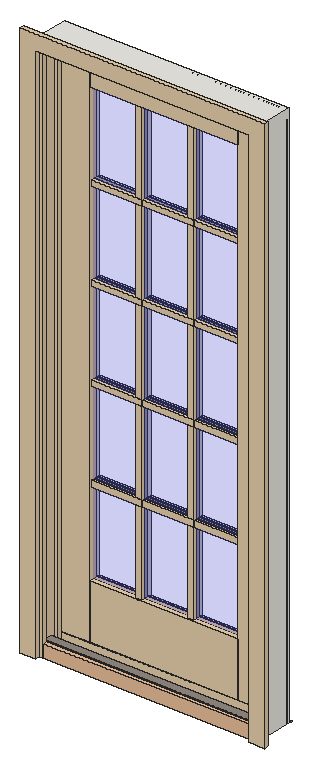
Revit family "Door-Gliding-Andersen-E_Series-Sidelight 2", category Doors, host Wall, Revit 2013 (continued)
Automatic sketch dimensions
  curve 107 to curve 108 = 0' - 0 1/8"
  curve 108 to curve 108 = 0' - 0.08478"
  curve 106 to curve 103 = 0' - 1.24271"
  curve 106 to curve 106 = 0' - 1.28489"
  curve 104 to curve 105 = 0' - 0.13398"
  curve 102 to curve 101 = 0' - 0.09649"
  curve 103 to curve 103 = 0' - 1 7/8"
  curve 108 to curve 113 = 0' - 1.60869"
  curve 105 to curve 112 = 0' - 1.21767"
  curve 111 to curve 99 = 0' - 1"
  curve 111 to curve 99 = 0' - 0"
  curve 100 to curve 103 = 0' - 0"  (x2)
  curve 98 to curve 102 = 0' - 0"
  curve 7 to curve 7 = 0' - 5 29/32"
  curve 57 to curve 62 = 0' - 0 1/2"
  curve 62 to curve 56 = 0' - 2.0615"
  curve 56 to curve 55 = 0' - 0 33/64"
  curve 55 to curve 53 = 0' - 1.84113"
  curve 53 to curve 121 = 0' - 0.70675"
  curve 64 to curve 64 = 0' - 0 9/32"
  curve 58 to curve 64 = 0' - 0 1/4"
  curve 64 to curve 59 = 0' - 0 3/16"
  curve 64 to curve 55 = 0' - 0 1/2"
  curve 57 to curve 62 = 0' - 0 3/4"
  curve 61 to curve 63 = 0' - 0.563"
  curve 54 to curve 56 = 0' - 0 5/8"
  curve 59 to curve 52 = 0' - 1 1/16"
  curve 96 to curve 96 = 0' - 5 29/32"
  curve 44 to curve 20 = 0' - 0 1/2"
  curve 19 to curve 44 = 0' - 2.0615"
  curve 18 to curve 19 = 0' - 0 33/64"
  curve 16 to curve 18 = 0' - 1.84113"
  curve 122 to curve 16 = 0' - 0.70675"
  curve 46 to curve 46 = 0' - 0 9/32"
  curve 21 to curve 46 = 0' - 0 1/4"
  curve 46 to curve 22 = 0' - 0 3/16"
  curve 46 to curve 18 = 0' - 0 1/2"
  curve 20 to curve 44 = 0' - 0 3/4"
  curve 43 to curve 45 = 0' - 0.563"
  curve 17 to curve 19 = 0' - 0 5/8"
  curve 22 to curve 15 = 0' - 1 1/16"
  curve 97 to curve 97 = 0' - 5 29/32"
  curve 49 to curve 39 = 0' - 0 1/2"
  curve 38 to curve 49 = 0' - 2.0615"
  curve 37 to curve 38 = 0' - 0 33/64"
  curve 35 to curve 37 = 0' - 1.84113"
  curve 123 to curve 35 = 0' - 0.70675"
  curve 51 to curve 51 = 0' - 0 9/32"
  curve 40 to curve 51 = 0' - 0 1/4"
  curve 51 to curve 41 = 0' - 0 3/16"
  curve 51 to curve 37 = 0' - 0 1/2"
  curve 39 to curve 49 = 0' - 0 3/4"
  curve 48 to curve 50 = 0' - 0.563"
  curve 36 to curve 38 = 0' - 0 5/8"
  curve 41 to curve 34 = 0' - 1 1/16"
  Sweep 8 sketch curve to level = 0' - 0"  (x2)
  profile plane to Sweep 12 sketch curve = 0' - 1.85627"
  Sweep 12 sketch curve to Sweep 12 sketch curve = 0' - 1.73369"
  Split face 1 sketch curve to Sweep 12 = 0' - 0"
  Split face 1 sketch curve to Sweep 12 = 0' - 1.83234"
  profile plane to Sweep 7 sketch curve = 0' - 1 3/8"
  Sweep 7 sketch curve to plane 10 "Flange" = 0' - 4 1/16"
  Sweep 7 sketch curve to Sweep 7 sketch curve = 0' - 0.563"
  profile plane to Sweep 7 sketch curve = 0' - 0 7/16"
  Sweep 7 sketch curve to Sweep 7 sketch curve = 0' - 0 1/4"
  plane 10 "Flange" to Sweep 7 sketch curve = 0' - 0.35575"
  Sweep 7 sketch curve to Sweep 7 sketch curve = 0' - 0 9/32"
  curve 124 to plane 54 "Frame S2 Ext" = 0' - 0"
  curve 114 to plane 10 "Flange" = 0' - 0"
  curve 115 to plane 3 "R Frame" = 0' - 0"
  curve 115 to plane 10 "Flange" = 0' - 0"
  curve 12 to plane 3 "R Frame" = 0' - 0"
  curve 33 to plane 3 "R Frame" = 0' - 0"
  curve 33 to plane 36 "R Xjamb 1" = 0' - 0"
  curve 12 to plane 17 "R Casing 1" = 0' - 0 1/8"
  Sweep 9 sketch curve to profile plane = 0' - 0.09649"
  Sweep 9 sketch curve to plane 10 "Flange" = 0' - 3.94709"
  Sweep 9 sketch curve to profile plane = 0' - 0 5/32"
  Sweep 9 sketch curve to Sweep 9 sketch curve = 0' - 0.13918"
  Sweep 9 sketch curve to profile plane = 0' - 0.42251"
  Sweep 9 sketch curve to Sweep 9 sketch curve = 0' - 0 1/8"
  Sweep 9 sketch curve to profile plane = 0' - 0.63229"
  Sweep 9 sketch curve to Sweep 9 sketch curve = 0' - 1.28489"
  Sweep 9 sketch curve to Sweep 9 sketch curve = 0' - 0.13398"
  Sweep 9 sketch curve to Sweep 9 sketch curve = 0' - 1.31268"
  plane 10 "Flange" to Sweep 9 sketch curve = 0' - 0.40833"
  curve 31 to level = 0' - 0"
  curve 32 to level = 0' - 0"
  curve 31 to plane 46 "B Panel" = 0' - 0"
  curve 29 to curve 85 = 0' - 0 1/2"
  curve 85 to curve 23 = 0' - 2.0615"
  curve 83 to curve 24 = 0' - 0 33/64"
  curve 24 to curve 25 = 0' - 1.82913"
  curve 25 to curve 30 = 0' - 0 23/32"
  curve 125 to curve 28 = 0' - 0 9/32"
  curve 26 to curve 23 = 0' - 0 1/8"
  curve 23 to curve 86 = 0' - 0.062"
  curve 23 to curve 84 = 0' - 0 5/8"
  curve 83 to curve 24 = 0' - 0"
  curve 25 to curve 28 = 0' - 0 5/16"
  curve 84 to curve 29 = 0' - 0 3/4"
  curve 125 to curve 30 = 0' - 0 1/4"
  curve 81 to curve 90 = 0' - 0 1/2"
  curve 90 to curve 75 = 0' - 2.0615"
  curve 88 to curve 76 = 0' - 0 33/64"
  curve 76 to curve 77 = 0' - 1.82913"
  curve 77 to curve 82 = 0' - 0 23/32"
  curve 126 to curve 80 = 0' - 0 9/32"
  curve 78 to curve 75 = 0' - 0 1/8"
  curve 75 to curve 91 = 0' - 0.062"
  curve 75 to curve 89 = 0' - 0 5/8"
  curve 88 to curve 76 = 0' - 0"
  curve 77 to curve 80 = 0' - 0 5/16"
  curve 89 to curve 81 = 0' - 0 3/4"
  curve 126 to curve 82 = 0' - 0 1/4"
  plane 32 "T Casing 4" to curve 117 = 0' - 0"
  Split face 2 sketch curve to cut or joined group of Sweep 9, Sweep 11 = 0' - 0"  (x2)
  Split face 3 sketch curve to Sweep 10 = 0' - 0"  (x2)
  Split face 4 sketch curve to Sweep 10 = 0' - 0"  (x2)
  Sweep 10 to Split face 5 sketch curve = 0' - 0"
  Split face 5 sketch curve to Sweep 10 = 0' - 0"
  Split face 6 sketch curve to Sweep 10 = 0' - 0"
  Sweep 10 to Split face 6 sketch curve = 0' - 0"
  Split face 7 sketch curve to Sweep 8 = 0' - 0"  (x2)
  Split face 8 sketch curve to Sweep 7 = 0' - 0"
  Sweep 7 to Split face 8 sketch curve = 0' - 0"
  Split face 9 sketch curve to Sweep 7 = 0' - 0"  (x2)
  Split face 10 sketch curve to Sweep 8 = 0' - 0"  (x2)
  Split face 11 sketch curve to Sweep 8 = 0' - 0"
  Sweep 8 to Split face 11 sketch curve = 0' - 0"
  Split face 12 sketch curve to Sweep 7 = 0' - 0"
  Sweep 7 to Split face 12 sketch curve = 0' - 0"
  Sweep 8 to Split face 13 sketch curve = 0' - 0"  (x2)
  Split face 14 sketch curve to Sweep 8 = 0' - 0"  (x2)
  Split face 15 sketch curve to Sweep 8 = 0' - 0"
  Sweep 8 to Split face 15 sketch curve = 0' - 0"
  curve 13 to level = 0' - 0"
  curve 13 to plane 57 "Sill Exterior" = 0' - 0"
  plane 30 "T Casing 2" to curve 1 = 0' - 0"
  curve 3 to plane 11 "Frame S1" = 0' - 0"
  host wall to curve 14 = 0' - 0 5/128"
Nested families (in)
  nested 1: "Gliding_Panel" at (0, -0.25, 2.1562), Width <- "Panel Width", Height <- "Panel Height", Between Glass Grille Bar Finish <- "Between Glass Grille Bar Finish", Exterior Grille Bar Finish <- "Exterior Grille Bar Finish", Between Glass Grille Bar Visibility <- "Between Glass Grille Bar Visibility", Exterior Grille Bar Visibility <- "Exterior Grille Bar Visibility", Interior Grille Bar Visibility <- "Interior Grille Bar Visibility", . . Lights Wide <- ". . Lights Wide", . . Top Glass Lights High <- ". . Top Light Lights High", . . Bottom Glass Lights High <- ". . Bottom Light Lights High", . . .Lights Wide <- ". . .Lights Wide", . . .Lights High <- ". . .Lights High", . . .Bottom Bar Location <- ". . .Bottom Bar Location", . . .Bottom Bar Size <- ". . .Bottom Bar Size", Enter Pattern Number <- "Enter Pattern Number", Grille Bar Size <- "Grille Bar Size", Exterior Panel Finish <- "Exterior Panel Finish", Glazing <- "Glazing Material", Interior Material <- "Interior Material", type <- "Panel Type", Right Jamb Material <- "Interior Material", type "SP1"
    with Width 2' - 6 7/8", VGB DLO 0' - 6.5834", V Bars 2, TS V DLO 5' - 4 3/16", TS V Bar Length 5' - 4 3/16", TS SH DLO 3' - 0 25/32", TS S V no, TS S H Craftsman no, TS S H no, TS M V yes, TS M H yes, TS HGB DLO 1' - 0.1375", TS H Bars 4, Right Jamb Material Wood - Andersen - Pine, Left Jamb Material Aluminum - Andersen - Painted - White, LW 3, Is Outswing no, Is Inswing no, Is Gliding no, Interior Material Wood - Andersen - Pine, Interior Grille Bar Visibility yes, Horizontal Craftsman Bar Size 0' - 0 7/8", Hinge "", Height 6' - 4 7/8", H DLO 1' - 9.5002", Grille Bar Size 0' - 0 7/8", Glazing Glass ‐ Andersen - Low-E4 SmartSun, Exterior Panel Finish Aluminum - Andersen - Painted - White, Exterior Grille Bar Visibility yes, Exterior Grille Bar Finish Aluminum - Andersen - Painted - White, Enter Pattern Number 1, CTRL Elevation Swing Visibility no, Between Glass Grille Bar Visibility yes, Between Glass Grille Bar Finish Stainless Steel - Andersen - Standard, BS V DLO 2' - 0 11/32", BS SH DLO 1' - 8 11/64", BS S V no, BS S H no, BS M V no, BS M H no, BS HGB DLO 0' - 5", BS H Bars 2, . . Top Glass Lights High 5, . . Lights Wide 3, . . Bottom Glass Lights High 2, . . .Lights Wide 3, . . .Lights High 1, . . .Bottom Bar Size 0' - 0 7/8", . . .Bottom Bar Location 1' - 0"
Definition of nested family "Gliding_Panel"
  Parameters (values of type "SP3")
    URL = "www.eaglewindow.com"
    Right Jamb Material [instance] = Aluminum - Andersen - Painted - White
    Model = "E-Series Doors"  # constant formula
    Manufacturer = "Andersen Corporation"  # constant formula
    Left Jamb Material [instance] = Aluminum - Andersen - Painted - White
    Is Gliding [instance] = no
    Interior Material [instance] = Wood - Andersen - Pine
    Hinge [instance] = ""
    Grille Bar Sizes = "5/8'', 7/8'', 1 1/8'', 1 1/2'', 2 1/4''"  # constant formula
    Glazing [instance] = Glass ‐ Andersen - Low-E4 SmartSun
    Exterior Panel Finish [instance] = Aluminum - Andersen - Painted - White
    Description = "Aluminum-Clad Wood Doors"  # constant formula
    CTRL Elevation Swing Visibility [instance] = or(Is Outswing, Is Inswing)  # no
    Between Glass Grille Bar Sizes = "5/8'', 1''"  # constant formula
    Grille Bar Size [instance] = 0' - 0 7/8"
    Enter Pattern Number [instance] = 1
    Pattern Number 1 = "Traditional"  # constant formula
    Pattern Number 2 = "Traditional Top Light Only"  # constant formula
    . . Lights Wide [instance] = 3
    . . Top Glass Lights High [instance] = 3
    . . Bottom Glass Lights High [instance] = 4
    Pattern Number 3 = "Praire Each Light"  # constant formula
    Pattern Number 4 = "Praire Top Light Only"  # constant formula
    Pattern Number 5 = "Praire Overall"  # constant formula
    Pattern Number 6 = "Craftsman"  # constant formula
    . . .Lights Wide [instance] = 3
    . . .Lights High [instance] = 1
    . . .Bottom Bar Location [instance] = 1' - 6"
    . . .Bottom Bar Size [instance] = 0' - 0 7/8"
    Interior Grille Bar Visibility [instance] = yes
    Exterior Grille Bar Visibility [instance] = yes
    Between Glass Grille Bar Visibility [instance] = yes
    Width [instance] = 2' - 10 3/4"
    VGB DLO [instance] = if(or(Enter Pattern Number = 3, or(Enter Pattern Number = 4, Enter Pattern Number = 5)), 0' 5", (H DLO - (Grille Bar Size * (V Bars))) / if(LW > 2, LW, 3))  # 0' - 9.16667"
    V Bars [instance] = if(LW > 2, LW - 1, 2)  # 2
    Type Comments = "Aluminum-Clad Wood"
    Top Rail Size = 0' - 2 3/4"
    Thickness = 0' - 1 3/4"
    TS V DLO [instance] = if(Has Middle Rail, Height - Top Rail Size - Middle Rail Size - Middle Rail Offset, Height - Bottom Rail Size - Top Rail Size)  # 6' - 6 1/2"
    TS V Bar Length [instance] = if(Enter Pattern Number = 6, . . .Bottom Bar Location - Top Rail Size - (. . .Bottom Bar Size / 2), TS V DLO)  # 6' - 6 1/2"
    TS SH DLO [instance] = if(Enter Pattern Number = 5, Top Rail Size + 0' 5" + (Grille Bar Size / 2), if(Enter Pattern Number = 6, . . .Bottom Bar Location, (TS V DLO / 2) + Top Rail Size))  # 3' - 6"
    TS S V [instance] = LW = 2  # no
    TS S H Craftsman [instance] = and(Enter Pattern Number = 6, . . .Lights High = 2)  # no
    TS S H [instance] = or(or(and(. . Top Glass Lights High = 2, or(or(or(Enter Pattern Number = 5, Enter Pattern Number = 6), Enter Pattern Number = 1), Enter Pattern Number = 2)), Enter Pattern Number = 6), Enter Pattern Number = 5)  # no
    TS M V [instance] = or(or(or(or(or(and(LW > 2, Enter Pattern Number = 1), and(LW > 2, Enter Pattern Number = 2)), Enter Pattern Number = 3), Enter Pattern Number = 4), Enter Pattern Number = 5), and(LW > 2, Enter Pattern Number = 6))  # yes
    TS M H [instance] = or(or(or(and(. . Top Glass Lights High > 2, Enter Pattern Number = 1), and(. . Top Glass Lights High > 2, Enter Pattern Number = 2), Enter Pattern Number = 3), Enter Pattern Number = 4), and(. . .Lights High > 2, Enter Pattern Number = 6))  # yes
    TS HGB DLO [instance] = if(or(Enter Pattern Number = 3, Enter Pattern Number = 4), 0' 5", if(and(Enter Pattern Number = 6, . . .Lights High > 2), (TS V Bar Length - (Grille Bar Size * (. . .Lights High - 1))) / . . .Lights High, if(. . Top Glass Lights High > 2, (TS V Bar Length - (. . .Bottom Bar Size * (. . Top Glass Lights High - 1))) / . . Top Glass Lights High, 0' 5")))  # 2' - 1.58333"
    TS H Bars [instance] = if(or(Enter Pattern Number = 3, Enter Pattern Number = 4), 2, if(and(Enter Pattern Number = 6, . . .Lights High > 2), . . .Lights High - 1, if(. . Top Glass Lights High > 2, . . Top Glass Lights High - 1, 2)))  # 2
    LW [instance] = if(or(Enter Pattern Number = 1, Enter Pattern Number = 2), . . Lights Wide, if(Enter Pattern Number = 6, . . .Lights Wide, 3))  # 3
    Horizontal Craftsman Bar Size [instance] = if(Enter Pattern Number = 6, . . .Bottom Bar Size, Grille Bar Size)  # 0' - 0 7/8"
    Stile Size = 0' - 2 3/4"
    Middle Rail Size = 0' - 5 5/16"
    Middle Rail Offset = 2' - 8 11/32"
    Is Outswing [instance] = no
    Is Inswing [instance] = no
    Height [instance] = 7' - 0"
    No Middle Rail = not(Has Middle Rail)  # yes
    Has Middle Rail = 1 = 0  # no
    H DLO [instance] = Width - (2 * Stile Size)  # 2' - 5 1/4"
    Family Version = "06.01.14"  # constant formula
    Exterior Grille Bar Finish [instance] = Aluminum - Andersen - Painted - White
    Bottom Rail Size = 0' - 2 3/4"
    Between Glass Grille Bar Finish [instance] = Stainless Steel - Andersen - Standard
    BS V DLO [instance] = Middle Rail Offset - Bottom Rail Size  # 2' - 5 19/32"
    BS SH DLO [instance] = if(Enter Pattern Number = 5, Bottom Rail Size + 0' 5" + (Grille Bar Size / 2), (BS V DLO / 2) + Bottom Rail Size)  # 1' - 5 35/64"
    BS S V [instance] = and(and(LW = 2, Enter Pattern Number = 1), Has Middle Rail)  # no
    BS S H [instance] = or(and(. . Bottom Glass Lights High = 2, Enter Pattern Number = 1, Has Middle Rail), Enter Pattern Number = 5)  # no
    BS M V [instance] = and(or(or(and(LW > 2, Enter Pattern Number = 1), Enter Pattern Number = 3), Enter Pattern Number = 5), Has Middle Rail)  # no
    BS M H [instance] = and(or(and(. . Bottom Glass Lights High > 2, Enter Pattern Number = 1), Enter Pattern Number = 3), Has Middle Rail)  # no
    BS HGB DLO [instance] = if(. . Bottom Glass Lights High > 2, if(Enter Pattern Number = 3, 0' 5", (BS V DLO - (Grille Bar Size * (. . Bottom Glass Lights High - 1))) / . . Bottom Glass Lights High), 0' 5")  # 0' - 6 95/128"
    BS H Bars [instance] = if(Enter Pattern Number = 3, 2, if(. . Bottom Glass Lights High > 2, . . Bottom Glass Lights High - 1, 2))  # 3
    Appear In Schedule = 0 = 1  # no
  Types (3): name | Right Jamb Material | Left Jamb Material | VGB DLO | Top Rail Size | TS V DLO | TS V Bar Length | TS SH DLO | TS HGB DLO | Stile Size | H DLO | Bottom Rail Size | BS V DLO | BS SH DLO | BS HGB DLO
    SP1 | none | none | 0' - 7.87507" | 0' - 4 11/16" | 5' - 11 5/16" | 5' - 11 5/16" | 3' - 4 11/32" | 1' - 11 3/16" | 0' - 4.6874" | 2' - 1.3752" | 0' - 8" | 2' - 0 11/32" | 1' - 8 11/64" | 0' - 5 55/128"
    SP2 | none | none | 0' - 7.87507" | 0' - 4 11/16" | 5' - 7 5/16" | 5' - 7 5/16" | 3' - 2 11/32" | 1' - 9.85417" | 0' - 4.6874" | 2' - 1.3752" | 1' - 0" | 1' - 8 11/32" | 1' - 10 11/64" | 0' - 4 55/128"
    SP3 | Aluminum - Andersen - Painted - White | Aluminum - Andersen - Painted - White | 0' - 9.16667" | 0' - 2 3/4" | 6' - 6 1/2" | 6' - 6 1/2" | 3' - 6" | 2' - 1.58333" | 0' - 2 3/4" | 2' - 5 1/4" | 0' - 2 3/4" | 2' - 5 19/32" | 1' - 5 35/64" | 0' - 6 95/128"
  Reference planes (in)
    plane 1 "Center (Front/Back)": y = 0
    plane 2 "Bottom": z = 0
    plane 3 "Center (Left/Right)": x = 0
    plane 4 "Panel S1": y = 0.875
    plane 5 "Panel S2": y = -0.875
    plane 6 "Left": x = -17.375
    plane 7 "Right": x = 17.375
    plane 8 "Top": z = 84
    plane 9 "Center (Elevation)": z = 42
    plane 10 "Right of Left Side": x = -14.625
    plane 11 "Left of Right Side": x = 14.625
    plane 12 "Top of Bottom Rail": z = 2.75
    plane 13 "Bottom of Top Rail": z = 81.25
    plane 14 "Bottom of Middle Rail": z = 32.34375
    plane 15 "Top of Middle Rail": z = 37.65625
    plane 16 "Glass S4": y = -0.25
    plane 17 "Glass S1": y = 0.5
    plane 18 "Glass S3": y = -0.125
    plane 19 "Glass S2": y = 0.375
    plane 20 "B DLO": z = 2.75
    plane 21 "Sliding Elevation": x = -5.7729
  Forms (in)
    Sweep 1, solid, material "Aluminum - Andersen - Painted - White" <- "Exterior Panel Finish"
      path origin (0, 0, 0) x (1, 0, 0) y (0, 0, 1)
        loop
          line (0, 84) -> (0, 0)
      profile origin (0, 0, 42) x (0, -1, 0) y (1, 0, 0)
        loop
          line (-0.875, -17.375) -> (-0.5, -17.375) -> (-0.5, -14.625) -> (-0.875, -14.625) -> (-0.875, -17.375)
        loop
          line (-0.875, 17.375) -> (-0.875, 14.625) -> (-0.5, 14.625) -> (-0.5, 17.375) -> (-0.875, 17.375)
    Sweep 2, solid, material "Aluminum - Andersen - Painted - White" <- "Exterior Panel Finish"
      path origin (0, 0, 0) x (1, 0, 0) y (0, 0, 1)
        loop
          line (-14.625, 2.75) -> (14.625, 2.75)
      profile origin (0, 0, 2.75) x (0, 0, 1) y (0, -1, 0)
        loop
          line (0, -0.875) -> (0, -0.5) -> (-2.75, -0.5) -> (-2.75, -0.875) -> (0, -0.875)
        loop
          line (78.5, -0.5) -> (78.5, -0.875) -> (81.25, -0.875) -> (81.25, -0.5) -> (78.5, -0.5)
    Sweep 3, solid, material "Wood - Andersen - Pine" <- "Interior Material"
      path origin (0, 0, 0) x (1, 0, 0) y (0, 0, 1)
        loop
          line (0, 84) -> (0, 0)
      profile origin (0, 0, 42) x (0, -1, 0) y (1, 0, 0)
        loop
          line (0.875, 17.375) -> (-0.5, 17.375) -> (-0.5, 14.625) -> (0.875, 14.625) -> (0.875, 17.375)
        loop
          line (0.875, -14.625) -> (-0.5, -14.625) -> (-0.5, -17.375) -> (0.875, -17.375) -> (0.875, -14.625)
    Sweep 4, solid, material "Wood - Andersen - Pine" <- "Interior Material"
      path origin (0, 0, 0) x (1, 0, 0) y (0, 0, 1)
        loop
          line (-14.625, 37.65625) -> (14.625, 37.65625)
      profile origin (0, 0, 37.65625) x (0, 0, 1) y (0, -1, 0)
        loop
          line (46.34375, 0.875) -> (43.59375, 0.875) -> (43.59375, -0.5) -> (46.34375, -0.5) -> (46.34375, 0.875)
        loop
          line (-34.90625, 0.875) -> (-37.65625, 0.875) -> (-37.65625, -0.5) -> (-34.90625, -0.5) -> (-34.90625, 0.875)
    Sweep 5, solid, material "Glass ‐ Andersen - Low-E4 SmartSun" <- "Glazing"
      path origin (0, 0, 0) x (1, 0, 0) y (0, 0, 1)
        loop
          line (0, 81.25) -> (0, 2.75)
      profile origin (0, 0, 42) x (0, -1, 0) y (1, 0, 0)
        loop
          line (-0.5, 14.625) -> (-0.5, -14.625) -> (0.25, -14.625) -> (0.25, 14.625) -> (-0.5, 14.625)
    Sweep 6, solid, material "Aluminum - Andersen - Painted - White" <- "Exterior Panel Finish", visible <- "Has Middle Rail"
      path origin (0, 0, 0) x (1, 0, 0) y (0, 0, 1)
        loop
          line (-14.625, 37.65625) -> (14.625, 37.65625)
      profile origin (0, 0, 37.65625) x (0, 0, 1) y (0, -1, 0)
        loop
          line (0, -0.875) -> (0, -0.5) -> (-5.3125, -0.5) -> (-5.3125, -0.875) -> (0, -0.875)
    Sweep 7, solid, material "Wood - Andersen - Pine" <- "Interior Material", visible <- "Has Middle Rail"
      path origin (0, 0, 0) x (1, 0, 0) y (0, 0, 1)
        loop
          line (-14.625, 37.65625) -> (14.625, 37.65625)
      profile origin (0, 0, 37.65625) x (0, 0, 1) y (0, -1, 0)
        loop
          line (0, -0.5) -> (0, 0.875) -> (-5.3125, 0.875) -> (-5.3125, -0.5) -> (0, -0.5)
  Lines and regions (in)
    Masking region 1
      outline origin (0, 0, 0) x (1, 0, 0) y (0, 1, 0)
        loop
          line (17.375, 0.875) -> (-17.375, 0.875) -> (-17.375, -0.875) -> (17.375, -0.875) -> (17.375, 0.875)
    Masking region 2
      outline origin (0, 0, 0) x (0, 1, 0) y (0, 0, 1)
        loop
          line (0.875, 84) -> (-0.875, 84) -> (-0.875, 0) -> (0.875, 0) -> (0.875, 84)
    Masking region 3
      outline origin (0, 0, 0) x (1, 0, 0) y (0, 0, 1)
        loop
          line (17.375, 84) -> (-17.375, 84) -> (-17.375, 0) -> (17.375, 0) -> (17.375, 84)
    symbolic lines, style "DoorsPanelProjection"
      curve 1: line (14.625, 0, 81.25) -> (-14.625, 0, 81.25)
      curve 6: line (-14.625, 0, 2.75) -> (14.625, 0, 2.75)
    symbolic lines, style "DoorsPanelProjection", detail levels medium+fine
      curve 2: line (14.625, 0, 0) -> (14.625, 0, 84)
      curve 4: line (-14.625, 0, 84) -> (-14.625, 0, 0)
    symbolic lines, style "DoorsPanelProjection", visible <- "Has Middle Rail"
      curve 3: line (-14.625, 0, 37.65625) -> (14.625, 0, 37.65625)
      curve 5: line (14.625, 0, 32.34375) -> (-14.625, 0, 32.34375)
    symbolic lines, style "Plan Swing", visible <- "Is Outswing"
      curve 7: line (17.375, 0.875, 0) -> (17.375, 35.625, 0)
      curve 8: arc (-17.375, 0.875, 0) -> (-6.90927, 25.15927, 0) -> (17.375, 35.625, 0) r 35.7816
    symbolic lines, style "Plan Swing", visible <- "Is Inswing"
      curve 9: line (17.375, -0.875, 0) -> (17.375, -35.625, 0)
      curve 10: arc (-17.375, -0.875, 0) -> (-7.19696, -25.44696, 0) -> (17.375, -35.625, 0) r 34.75
    symbolic lines, style "Elevation Swing", visible <- "CTRL Elevation Swing Visibility"
      curve 11: line (-17.375, 0, 84) -> (17.375, 0, 42)
      curve 12: line (17.375, 0, 42) -> (-17.375, 0, 0)
    symbolic lines, style "DoorsGlassProjection", detail levels fine
      curve 13: line (0, -0.125, 81.25) -> (0, -0.125, 37.03125)
      curve 14: line (0, 0.375, 81.25) -> (0, 0.375, 37.03125)
      curve 15: line (0, -0.125, 32.34375) -> (0, -0.125, 2.75)
      curve 16: line (0, 0.375, 32.34375) -> (0, 0.375, 2.75)
      curve 17: line (-14.625, -0.125, 0) -> (14.625, -0.125, 0)
      curve 18: line (-14.625, 0.375, 0) -> (14.625, 0.375, 0)
      curve 49: line (14.625, 0.375, 0) -> (15.25, 0.375, 0)
      curve 50: line (14.625, -0.125, 0) -> (15.25, -0.125, 0)
      curve 51: line (14.75, -0.125, 0) -> (14.75, 0.375, 0)
      curve 55: line (-14.625, 0.375, 0) -> (-15.25, 0.375, 0)
      curve 56: line (-14.625, -0.125, 0) -> (-15.25, -0.125, 0)
      curve 57: line (-14.75, -0.125, 0) -> (-14.75, 0.375, 0)
      curve 68: line (0, -0.125, 2.75) -> (0, -0.125, 2.125)
      curve 69: line (0, -0.125, 2.625) -> (0, 0.375, 2.625)
      curve 70: line (0, 0.375, 2.75) -> (0, 0.375, 2.125)
      curve 101: line (0, -0.125, 81.25) -> (0, -0.125, 81.875)
      curve 102: line (0, -0.125, 81.375) -> (0, 0.375, 81.375)
      curve 103: line (0, 0.375, 81.25) -> (0, 0.375, 81.875)
    symbolic lines, style "DoorsGlassProjection"
      curve 19: line (0, -0.25, 2.75) -> (0, -0.25, 32.34375)
      curve 20: line (0, 0.5, 2.75) -> (0, 0.5, 32.34375)
      curve 21: line (0, -0.25, 37.03125) -> (0, -0.25, 81.25)
      curve 22: line (0, 0.5, 37.03125) -> (0, 0.5, 81.25)
    symbolic lines, style "DoorsGlassProjection", detail levels medium+fine
      curve 23: line (-14.625, 0.5, 0) -> (14.625, 0.5, 0)
      curve 24: line (14.625, -0.25, 0) -> (-14.625, -0.25, 0)
    symbolic lines, style "DoorsFrameMullionProjection", detail levels fine
      curve 25: line (14.89063, 0.875, 0) -> (14.89063, 0.78125, 0)
      curve 26: line (14.89063, 0.78125, 0) -> (14.625, 0.64062, 0)
      curve 27: line (14.625, 0.64062, 0) -> (14.625, 0.5, 0)
      curve 28: line (14.625, 0.5, 0) -> (15.25, 0.5, 0)
      curve 29: line (15.25, 0.5, 0) -> (15.25, -0.875, 0)
      curve 30: line (15.25, -0.25, 0) -> (14.625, -0.25, 0)
      curve 31: line (14.625, -0.25, 0) -> (14.71875, -0.75, 0)
      curve 32: line (14.71875, -0.75, 0) -> (15.25, -0.75, 0)
      curve 41: line (-14.89063, 0.875, 0) -> (-14.89063, 0.78125, 0)
      curve 42: line (-14.89063, 0.78125, 0) -> (-14.625, 0.64062, 0)
      curve 43: line (-14.625, 0.64062, 0) -> (-14.625, 0.5, 0)
      curve 44: line (-14.625, 0.5, 0) -> (-15.25, 0.5, 0)
      curve 45: line (-15.25, 0.5, 0) -> (-15.25, -0.875, 0)
      curve 46: line (-15.25, -0.25, 0) -> (-14.625, -0.25, 0)
      curve 47: line (-14.625, -0.25, 0) -> (-14.71875, -0.75, 0)
      curve 48: line (-14.71875, -0.75, 0) -> (-15.25, -0.75, 0)
    symbolic lines, style "DoorsFrameMullionProjection", not visible, detail levels fine
      curve 33: line (9.54443, 3.16951, 0) -> (9.54443, 3.07576, 0)
      curve 34: line (9.54443, 3.07576, 0) -> (9.2788, 2.93514, 0)
      curve 35: line (9.2788, 2.93514, 0) -> (9.2788, 2.79451, 0)
      curve 36: line (9.2788, 2.79451, 0) -> (9.9038, 2.79451, 0)
      curve 37: line (9.9038, 2.79451, 0) -> (9.9038, 1.41951, 0)
      curve 38: line (9.9038, 2.04451, 0) -> (9.2788, 2.04451, 0)
      curve 39: line (9.2788, 2.04451, 0) -> (9.37255, 1.54451, 0)
      curve 40: line (9.37255, 1.54451, 0) -> (9.9038, 1.54451, 0)
    symbolic lines, style "DoorsGlassProjection", not visible, detail levels fine
      curve 52: line (9.2788, 2.66951, 0) -> (9.9038, 2.66951, 0)
      curve 53: line (9.2788, 2.16951, 0) -> (9.9038, 2.16951, 0)
      curve 54: line (9.4038, 2.16951, 0) -> (9.4038, 2.66951, 0)
      curve 79: line (0, 6.94392, 10.7869) -> (0, 6.94392, 10.1619)
      curve 80: line (0, 6.94392, 10.6619) -> (0, 7.44392, 10.6619)
      curve 81: line (0, 7.44392, 10.7869) -> (0, 7.44392, 10.1619)
    symbolic lines, style "DoorsFrameMullionProjection", detail levels medium
      curve 58: line (-14.625, 0.875, 0) -> (-14.625, -0.875, 0)
      curve 59: line (14.625, 0.875, 0) -> (14.625, -0.875, 0)
    symbolic lines, style "DoorsFrameMullionProjection"
      curve 60: line (0, 0.875, 2.48437) -> (0, 0.78125, 2.48437)
      curve 61: line (0, 0.78125, 2.48437) -> (0, 0.64063, 2.75)
      curve 62: line (0, 0.64063, 2.75) -> (0, 0.5, 2.75)
      curve 63: line (0, 0.5, 2.75) -> (0, 0.5, 2.125)
      curve 64: line (0, -0.875, 2.125) -> (0, 0.5, 2.125)
      curve 65: line (0, -0.75, 2.65625) -> (0, -0.75, 2.125)
      curve 66: line (0, -0.25, 2.75) -> (0, -0.75, 2.65625)
      curve 67: line (0, -0.25, 2.125) -> (0, -0.25, 2.75)
      curve 93: line (0, 0.875, 81.51562) -> (0, 0.78125, 81.51562)
      curve 94: line (0, 0.78125, 81.51562) -> (0, 0.64062, 81.25)
      curve 95: line (0, 0.64062, 81.25) -> (0, 0.5, 81.25)
      curve 96: line (0, 0.5, 81.25) -> (0, 0.5, 81.875)
      curve 97: line (0, -0.875, 81.875) -> (0, 0.5, 81.875)
      curve 98: line (0, -0.75, 81.34375) -> (0, -0.75, 81.875)
      curve 99: line (0, -0.25, 81.25) -> (0, -0.75, 81.34375)
      curve 100: line (0, -0.25, 81.875) -> (0, -0.25, 81.25)
    symbolic lines, style "DoorsFrameMullionProjection", not visible
      curve 71: line (0, 7.94392, 10.52128) -> (0, 7.85017, 10.52128)
      curve 72: line (0, 7.85017, 10.52128) -> (0, 7.70954, 10.7869)
      curve 73: line (0, 7.70954, 10.7869) -> (0, 7.56892, 10.7869)
      curve 74: line (0, 7.56892, 10.7869) -> (0, 7.56892, 10.1619)
      curve 75: line (0, 6.19392, 10.1619) -> (0, 7.56892, 10.1619)
      curve 76: line (0, 6.31892, 10.69315) -> (0, 6.31892, 10.1619)
      curve 77: line (0, 6.81892, 10.7869) -> (0, 6.31892, 10.69315)
      curve 78: line (0, 6.81892, 10.1619) -> (0, 6.81892, 10.7869)
    symbolic lines, style "DoorsFrameMullionProjection", visible <- "Has Middle Rail"
      curve 82: line (0, 0.875, 37.39062) -> (0, 0.78125, 37.39062)
      curve 83: line (0, 0.78125, 37.39062) -> (0, 0.64062, 37.65625)
      curve 84: line (0, 0.64062, 37.65625) -> (0, 0.5, 37.65625)
      curve 85: line (0, 0.5, 37.65625) -> (0, 0.5, 37.03125)
      curve 86: line (0, -0.875, 37.03125) -> (0, 0.5, 37.03125)
      curve 87: line (0, -0.75, 37.5625) -> (0, -0.75, 37.03125)
      curve 88: line (0, -0.25, 37.65625) -> (0, -0.75, 37.5625)
      curve 89: line (0, -0.25, 37.03125) -> (0, -0.25, 37.65625)
      curve 104: line (0, 0.875, 32.60937) -> (0, 0.78125, 32.60937)
      curve 105: line (0, 0.78125, 32.60937) -> (0, 0.64062, 32.34375)
      curve 106: line (0, 0.64062, 32.34375) -> (0, 0.5, 32.34375)
      curve 107: line (0, 0.5, 32.34375) -> (0, 0.5, 32.96875)
      curve 108: line (0, -0.875, 32.96875) -> (0, 0.5, 32.96875)
      curve 109: line (0, -0.75, 32.4375) -> (0, -0.75, 32.96875)
      curve 110: line (0, -0.25, 32.34375) -> (0, -0.75, 32.4375)
      curve 111: line (0, -0.25, 32.96875) -> (0, -0.25, 32.34375)
    symbolic lines, style "DoorsGlassProjection", visible <- "Has Middle Rail", detail levels fine
      curve 90: line (0, -0.125, 37.65625) -> (0, -0.125, 37.03125)
      curve 91: line (0, -0.125, 37.53125) -> (0, 0.375, 37.53125)
      curve 92: line (0, 0.375, 37.65625) -> (0, 0.375, 37.03125)
      curve 112: line (0, -0.125, 32.34375) -> (0, -0.125, 32.96875)
      curve 113: line (0, -0.125, 32.46875) -> (0, 0.375, 32.46875)
      curve 114: line (0, 0.375, 32.34375) -> (0, 0.375, 32.96875)
    symbolic lines, style "DoorsFrameMullionProjection", visible <- "Has Middle Rail", not visible
      curve 115: line (0, 7.94392, 10.52128) -> (0, 7.85017, 10.52128)
      curve 116: line (0, 7.85017, 10.52128) -> (0, 7.70954, 10.7869)
      curve 117: line (0, 7.70954, 10.7869) -> (0, 7.56892, 10.7869)
      curve 118: line (0, 7.56892, 10.7869) -> (0, 7.56892, 10.1619)
      curve 119: line (0, 6.19392, 10.1619) -> (0, 7.56892, 10.1619)
      curve 120: line (0, 6.31892, 10.69315) -> (0, 6.31892, 10.1619)
      curve 121: line (0, 6.81892, 10.7869) -> (0, 6.31892, 10.69315)
      curve 122: line (0, 6.81892, 10.1619) -> (0, 6.81892, 10.7869)
    symbolic lines, style "DoorsGlassProjection", visible <- "Has Middle Rail", not visible, detail levels fine
      curve 123: line (0, 6.94392, 10.7869) -> (0, 6.94392, 10.1619)
      curve 124: line (0, 6.94392, 10.6619) -> (0, 7.44392, 10.6619)
      curve 125: line (0, 7.44392, 10.7869) -> (0, 7.44392, 10.1619)
    symbolic lines, style "DoorsGlassProjection", visible <- "No Middle Rail"
      curve 126: line (0, -0.25, 32.34375) -> (0, -0.25, 37.65625)
      curve 127: line (0, 0.5, 32.34375) -> (0, 0.5, 37.65625)
    symbolic lines, style "DoorsGlassProjection", visible <- "No Middle Rail", detail levels fine
      curve 128: line (0, 0.375, 37.65625) -> (0, 0.375, 32.34375)
      curve 129: line (0, -0.125, 37.65625) -> (0, -0.125, 32.34375)
    symbolic lines, style "DoorsPanelProjection", detail levels coarse
      curve 130: line (14.625, 0, 81.25) -> (14.625, 0, 37.65625)
      curve 131: line (-14.625, 0, 81.25) -> (-14.625, 0, 37.65625)
      curve 132: line (-14.625, 0, 37.65625) -> (-14.625, 0, 2.75)
      curve 133: line (14.625, 0, 37.65625) -> (14.625, 0, 2.75)
    symbolic lines, style "Doors", visible <- "Is Gliding"
      curve 134: line (-12.72944, 0, 42) -> (-5.7729, 0, 42)
      curve 135: line (-5.7729, 0, 42) -> (-8.47029, 0, 44.11046)
      curve 136: line (-5.7729, 0, 42) -> (-8.47029, 0, 39.88954)
    model lines, style "InvisibleLines", not visible
      curve 137: line (-23.375, 0, 0) -> (23.375, 0, 0)
  Dimensions and locks (in)
    equal spacing: plane 4 "Panel S1", plane 1 "Center (Front/Back)", plane 5 "Panel S2"
    "Thickness": plane 4 "Panel S1" to plane 5 "Panel S2"
    equal spacing: plane 8 "Top", plane 9 "Center (Elevation)", plane 2 "Bottom"
    "Height": plane 8 "Top" to plane 2 "Bottom"
    "Stile Size": plane 6 "Left" to plane 10 "Right of Left Side"
    "Stile Size": plane 11 "Left of Right Side" to plane 7 "Right"
    locked: plane 17 "Glass S1" to plane 16 "Glass S4" at 0.75
    "Width": curve 7 to curve 7
    "Width": curve 9 to curve 9
    locked: plane 19 "Glass S2" to plane 17 "Glass S1" at 0.125
    locked: plane 18 "Glass S3" to plane 16 "Glass S4" at 0.125
    locked: plane 4 "Panel S1" to plane 17 "Glass S1" at 0.375
    "Top Rail Size": plane 8 "Top" to plane 13 "Bottom of Top Rail"
    "Middle Rail Size": plane 14 "Bottom of Middle Rail" to plane 15 "Top of Middle Rail"
    "Bottom Rail Size": plane 12 "Top of Bottom Rail" to plane 2 "Bottom"
    "Middle Rail Offset": plane 14 "Bottom of Middle Rail" to plane 2 "Bottom"
    equal spacing: plane 6 "Left", plane 3 "Center (Left/Right)", plane 7 "Right"
    "Width": plane 6 "Left" to plane 7 "Right"
    "Width": curve 7 to plane 4 "Panel S1"
    group 9 to group 10 = 0' - 0"  (x2)
    group 10 to group 9 = 2' - 2.45833"
    "TS HGB DLO": plane 13 "Bottom of Top Rail" to nested 1
    "TS HGB DLO": nested 2 to plane 20 "B DLO"
    "TS V Bar Length": plane 13 "Bottom of Top Rail" to plane 20 "B DLO"
    equal spacing: group 11, group 17, group 12  (x2)
    equal spacing: group 12, group 17, group 11
    "BS HGB DLO": plane 14 "Bottom of Middle Rail" to nested 3
    "BS HGB DLO": nested 5 to plane 12 "Top of Bottom Rail"
    group 13 to group 14 = 0' - 10.04167"
    group 13 to group 14 = 0' - 0"  (x2)
    "VGB DLO": plane 10 "Right of Left Side" to nested 7
    "VGB DLO": plane 11 "Left of Right Side" to nested 8
    group 15 to group 16 = 0' - 10.04167"
    group 15 to group 16 = 0' - 0"
    group 16 to group 15 = 0' - 0"
    "VGB DLO": plane 11 "Left of Right Side" to nested 11
    "VGB DLO": plane 10 "Right of Left Side" to nested 10
    "BS SH DLO": nested 4 to plane 2 "Bottom"
    equal spacing: plane 13 "Bottom of Top Rail", nested 13, plane 20 "B DLO"
    "TS SH DLO": plane 8 "Top" to nested 12
    locked: plane 21 "Sliding Elevation" to plane 6 "Left" at 11.6021
    locked: plane 21 "Sliding Elevation" to curve 134 at 6.95654
    locked: curve 135 to plane 9 "Center (Elevation)" at 2.11046
    locked: plane 21 "Sliding Elevation" to curve 135 at 2.69739
    locked: plane 9 "Center (Elevation)" to curve 136 at 2.11046
    locked: plane 21 "Sliding Elevation" to curve 136 at 2.69739
    locked: curve 137 to plane 7 "Right" at 6
    locked: curve 137 to plane 6 "Left" at 6
    locked: curve 7 to plane 4 "Panel S1" (angle 90.00°)
    locked: plane 5 "Panel S2" to curve 9 (angle 90.00°)
    aligned and locked: level to plane 2 "Bottom"
    aligned and locked: plane 8 "Top" to Sweep 1 sketch curve
    aligned and locked: plane 2 "Bottom" to Sweep 1 sketch curve
    aligned and locked: Sweep 1 sketch curve to plane 3 "Center (Left/Right)"
    aligned and locked: Sweep 1 sketch curve to plane 6 "Left"
    aligned and locked: plane 10 "Right of Left Side" to Sweep 1 sketch curve
    aligned and locked: Sweep 1 sketch curve to plane 4 "Panel S1"
    aligned and locked: Sweep 1 sketch curve to plane 11 "Left of Right Side"
    aligned and locked: plane 7 "Right" to Sweep 1 sketch curve
    aligned and locked: plane 4 "Panel S1" to Sweep 1 sketch curve
    aligned and locked: plane 10 "Right of Left Side" to Sweep 2 sketch curve
    aligned and locked: plane 11 "Left of Right Side" to Sweep 2 sketch curve
    aligned and locked: Sweep 2 sketch curve to plane 12 "Top of Bottom Rail"
    aligned and locked: Sweep 2 sketch curve to plane 2 "Bottom"
    aligned and locked: plane 4 "Panel S1" to Sweep 2 sketch curve
    aligned and locked: plane 12 "Top of Bottom Rail" to Sweep 2 sketch curve
    aligned and locked: Sweep 2 sketch curve to plane 8 "Top"
    aligned and locked: Sweep 2 sketch curve to plane 4 "Panel S1"
    aligned and locked: plane 13 "Bottom of Top Rail" to Sweep 2 sketch curve
    aligned and locked: Sweep 3 sketch curve to plane 3 "Center (Left/Right)"
    aligned and locked: plane 8 "Top" to Sweep 3 sketch curve
    aligned and locked: plane 2 "Bottom" to Sweep 3 sketch curve
    aligned and locked: plane 10 "Right of Left Side" to Sweep 3 sketch curve
    aligned and locked: Sweep 3 sketch curve to plane 6 "Left"
    aligned and locked: Sweep 3 sketch curve to plane 5 "Panel S2"  (x2)
    aligned and locked: plane 11 "Left of Right Side" to Sweep 3 sketch curve
    aligned and locked: Sweep 3 sketch curve to plane 7 "Right"
    aligned and locked: plane 10 "Right of Left Side" to Sweep 4 sketch curve
    aligned and locked: plane 11 "Left of Right Side" to Sweep 4 sketch curve
    aligned and locked: plane 15 "Top of Middle Rail" to Sweep 4 sketch curve
    aligned and locked: Sweep 4 sketch curve to plane 2 "Bottom"
    aligned and locked: plane 5 "Panel S2" to Sweep 4 sketch curve  (x2)
    aligned and locked: plane 12 "Top of Bottom Rail" to Sweep 4 sketch curve
    aligned and locked: plane 8 "Top" to Sweep 4 sketch curve
    aligned and locked: Sweep 4 sketch curve to plane 13 "Bottom of Top Rail"
    aligned and locked: plane 12 "Top of Bottom Rail" to Sweep 5 sketch curve
    aligned and locked: plane 13 "Bottom of Top Rail" to Sweep 5 sketch curve
    aligned and locked: plane 10 "Right of Left Side" to Sweep 5 sketch curve
    aligned and locked: plane 11 "Left of Right Side" to Sweep 5 sketch curve
    aligned and locked: Sweep 5 sketch curve to plane 17 "Glass S1"
    aligned and locked: Sweep 5 sketch curve to plane 16 "Glass S4"
    aligned and locked: plane 6 "Left" to Masking region 1 sketch curve
    aligned and locked: plane 7 "Right" to Masking region 1 sketch curve
    aligned and locked: plane 4 "Panel S1" to Masking region 1 sketch curve
    aligned and locked: plane 5 "Panel S2" to Masking region 1 sketch curve
    aligned and locked: Masking region 2 sketch curve to plane 2 "Bottom"
    aligned and locked: plane 8 "Top" to Masking region 2 sketch curve
    aligned and locked: plane 5 "Panel S2" to Masking region 2 sketch curve
    aligned and locked: plane 4 "Panel S1" to Masking region 2 sketch curve
    aligned and locked: Masking region 3 sketch curve to plane 2 "Bottom"
    aligned and locked: plane 8 "Top" to Masking region 3 sketch curve
    aligned and locked: plane 7 "Right" to Masking region 3 sketch curve
    aligned and locked: plane 6 "Left" to Masking region 3 sketch curve
    aligned and locked: plane 13 "Bottom of Top Rail" to curve 1
    aligned and locked: plane 11 "Left of Right Side" to curve 2
    aligned and locked: plane 15 "Top of Middle Rail" to curve 3
    aligned and locked: plane 10 "Right of Left Side" to curve 4
    aligned and locked: plane 14 "Bottom of Middle Rail" to curve 5
    aligned and locked: curve 6 to plane 12 "Top of Bottom Rail"
    aligned and locked: plane 7 "Right" to curve 7
    aligned and locked: plane 4 "Panel S1" to curve 8
    aligned and locked: plane 6 "Left" to curve 8
    aligned and locked: plane 7 "Right" to curve 9
    aligned and locked: plane 5 "Panel S2" to curve 9
    aligned and locked: plane 5 "Panel S2" to curve 10
    aligned and locked: plane 6 "Left" to curve 10
    aligned and locked: plane 10 "Right of Left Side" to Sweep 6 sketch curve
    aligned and locked: plane 15 "Top of Middle Rail" to Sweep 6 sketch curve
    aligned and locked: plane 11 "Left of Right Side" to Sweep 6 sketch curve
    aligned and locked: Sweep 6 sketch curve to plane 15 "Top of Middle Rail"
    aligned and locked: Sweep 6 sketch curve to plane 14 "Bottom of Middle Rail"
    aligned and locked: plane 4 "Panel S1" to Sweep 6 sketch curve
    aligned and locked: plane 10 "Right of Left Side" to Sweep 7 sketch curve
    aligned and locked: plane 11 "Left of Right Side" to Sweep 7 sketch curve
    aligned and locked: plane 15 "Top of Middle Rail" to Sweep 7 sketch curve
    aligned and locked: Sweep 7 sketch curve to plane 15 "Top of Middle Rail"
    aligned and locked: Sweep 7 sketch curve to plane 14 "Bottom of Middle Rail"
    aligned and locked: plane 5 "Panel S2" to Sweep 7 sketch curve
    aligned and locked: plane 6 "Left" to curve 11
    aligned and locked: plane 8 "Top" to curve 11
    aligned and locked: plane 6 "Left" to curve 12
    aligned and locked: plane 2 "Bottom" to curve 12
    aligned and locked: plane 9 "Center (Elevation)" to curve 12
    aligned and locked: plane 7 "Right" to curve 12
    aligned and locked: curve 14 to plane 19 "Glass S2"
    aligned and locked: curve 17 to plane 18 "Glass S3"
    aligned and locked: curve 18 to plane 19 "Glass S2"
    aligned and locked: Sweep 5 to plane 13 "Bottom of Top Rail"
    aligned and locked: Sweep 5 to plane 12 "Top of Bottom Rail"
    aligned and locked: Sweep 5 to plane 16 "Glass S4"
    aligned and locked: Sweep 5 to plane 17 "Glass S1"
    aligned and locked: curve 22 to plane 17 "Glass S1"
    aligned and locked: plane 16 "Glass S4" to curve 21
    aligned and locked: plane 16 "Glass S4" to curve 24
    aligned and locked: plane 17 "Glass S1" to curve 23
    aligned and locked: plane 17 "Glass S1" to Sweep 1 sketch curve
    aligned and locked: Sweep 1 sketch curve to plane 17 "Glass S1"
    aligned and locked: plane 17 "Glass S1" to Sweep 3 sketch curve  (x2)
    aligned and locked: plane 17 "Glass S1" to Sweep 2 sketch curve  (x2)
    aligned and locked: plane 17 "Glass S1" to Sweep 4 sketch curve  (x2)
    aligned and locked: plane 17 "Glass S1" to Sweep 6 sketch curve
    aligned and locked: Sweep 7 sketch curve to plane 17 "Glass S1"
    aligned and locked: Sweep 6 to plane 15 "Top of Middle Rail"
    aligned and locked: plane 11 "Left of Right Side" to curve 18
    aligned and locked: plane 4 "Panel S1" to curve 25
    aligned and locked: curve 27 to plane 11 "Left of Right Side"
    aligned and locked: plane 10 "Right of Left Side" to curve 43
    aligned and locked: plane 4 "Panel S1" to curve 41
    aligned and locked: plane 10 "Right of Left Side" to curve 17
    aligned and locked: plane 4 "Panel S1" to curve 58
    aligned and locked: plane 4 "Panel S1" to curve 59
    aligned and locked: plane 5 "Panel S2" to curve 58
    aligned and locked: plane 5 "Panel S2" to curve 59
    aligned and locked: plane 10 "Right of Left Side" to curve 58
    aligned and locked: curve 59 to plane 11 "Left of Right Side"
    aligned and locked: plane 13 "Bottom of Top Rail" to curve 21
    aligned and locked: plane 13 "Bottom of Top Rail" to curve 13
    aligned and locked: plane 13 "Bottom of Top Rail" to curve 14
    aligned and locked: plane 13 "Bottom of Top Rail" to curve 22
    aligned and locked: plane 12 "Top of Bottom Rail" to curve 20
    aligned and locked: plane 12 "Top of Bottom Rail" to curve 16
    aligned and locked: plane 12 "Top of Bottom Rail" to curve 15
    aligned and locked: plane 4 "Panel S1" to curve 60
    aligned and locked: plane 4 "Panel S1" to curve 93
    aligned and locked: curve 95 to plane 13 "Bottom of Top Rail"
    aligned and locked: curve 62 to plane 12 "Top of Bottom Rail"
    aligned and locked: plane 14 "Bottom of Middle Rail" to curve 19
    aligned and locked: plane 14 "Bottom of Middle Rail" to curve 15
    aligned and locked: plane 14 "Bottom of Middle Rail" to curve 16
    aligned and locked: plane 14 "Bottom of Middle Rail" to curve 20
    aligned and locked: nested 2 to plane 10 "Right of Left Side"
    aligned and locked: nested 3 to plane 10 "Right of Left Side"
    aligned and locked: nested 4 to plane 10 "Right of Left Side"
    aligned and locked: nested 5 to plane 10 "Right of Left Side"
    aligned and locked: plane 13 "Bottom of Top Rail" to nested 6
    aligned and locked: nested 6 to plane 3 "Center (Left/Right)"
    aligned and locked: plane 13 "Bottom of Top Rail" to nested 7
    aligned and locked: plane 13 "Bottom of Top Rail" to nested 8
    aligned and locked: plane 14 "Bottom of Middle Rail" to nested 9
    aligned and locked: nested 9 to plane 3 "Center (Left/Right)"
    aligned and locked: plane 14 "Bottom of Middle Rail" to nested 10
    aligned and locked: plane 14 "Bottom of Middle Rail" to nested 11
    aligned and locked: nested 13 to plane 10 "Right of Left Side"
    aligned and locked: nested 12 to plane 10 "Right of Left Side"
    aligned and locked: plane 4 "Panel S1" to curve 104
    aligned and locked: curve 106 to plane 14 "Bottom of Middle Rail"
    aligned and locked: plane 4 "Panel S1" to curve 82
    aligned and locked: plane 15 "Top of Middle Rail" to curve 84
    aligned and locked: curve 127 to plane 17 "Glass S1"
    aligned and locked: curve 128 to plane 19 "Glass S2"
    aligned and locked: curve 129 to plane 18 "Glass S3"
    aligned and locked: plane 16 "Glass S4" to curve 126
    aligned and locked: plane 12 "Top of Bottom Rail" to curve 133
    aligned and locked: plane 12 "Top of Bottom Rail" to curve 132
    aligned and locked: plane 15 "Top of Middle Rail" to curve 130
    aligned and locked: plane 13 "Bottom of Top Rail" to curve 130
    aligned and locked: plane 13 "Bottom of Top Rail" to curve 131
    aligned and locked: plane 15 "Top of Middle Rail" to curve 131
    aligned and locked: curve 130 to plane 11 "Left of Right Side"
    aligned and locked: curve 133 to plane 11 "Left of Right Side"
    aligned and locked: plane 10 "Right of Left Side" to curve 132
    aligned and locked: plane 10 "Right of Left Side" to curve 131
    aligned and locked: curve 134 to plane 9 "Center (Elevation)"
    aligned and locked: plane 9 "Center (Elevation)" to curve 135
    aligned and locked: plane 21 "Sliding Elevation" to curve 136
    aligned and locked: curve 137 to plane 2 "Bottom"
  Automatic sketch dimensions
    Sweep 5 sketch curve to plane 3 "Center (Left/Right)" = 0' - 0"
    curve 31 to curve 27 = 0' - 0"
    curve 30 to curve 31 = 0' - 0 3/32"
    curve 26 to curve 25 = 0' - 0 17/64"
    curve 25 to curve 28 = 0' - 0 23/64"
    curve 49 to curve 27 = 0' - 0"
    curve 50 to curve 30 = 0' - 0"
    curve 51 to curve 50 = 0' - 0 1/2"
    curve 31 to curve 31 = 0' - 0 1/2"
    curve 30 to curve 27 = 0' - 0 3/4"
    curve 27 to curve 26 = 0' - 0 9/64"
    curve 26 to curve 25 = 0' - 0 9/64"
    curve 29 to curve 32 = 0' - 0 1/8"
    curve 30 to curve 50 = 0' - 0 1/8"
    curve 49 to curve 28 = 0' - 0 1/8"
    curve 25 to curve 25 = 0' - 0 3/32"
    curve 39 to curve 35 = 0' - 0"
    curve 38 to curve 39 = 0' - 0 3/32"
    curve 34 to curve 33 = 0' - 0 17/64"
    curve 33 to curve 36 = 0' - 0 23/64"
    curve 52 to curve 35 = 0' - 0"
    curve 53 to curve 38 = 0' - 0"
    curve 54 to curve 53 = 0' - 0 1/2"
    curve 39 to curve 39 = 0' - 0 1/2"
    curve 38 to curve 35 = 0' - 0 3/4"
    curve 35 to curve 34 = 0' - 0 9/64"
    curve 34 to curve 33 = 0' - 0 9/64"
    curve 37 to curve 40 = 0' - 0 1/8"
    curve 38 to curve 53 = 0' - 0 1/8"
    curve 52 to curve 36 = 0' - 0 1/8"
    curve 33 to curve 33 = 0' - 0 3/32"
    curve 47 to curve 43 = 0' - 0"
    curve 46 to curve 47 = 0' - 0 3/32"
    curve 42 to curve 41 = 0' - 0 17/64"
    curve 41 to curve 44 = 0' - 0 23/64"
    curve 55 to curve 43 = 0' - 0"
    curve 56 to curve 46 = 0' - 0"
    curve 57 to curve 56 = 0' - 0 1/2"
    curve 47 to curve 47 = 0' - 0 1/2"
    curve 43 to curve 46 = 0' - 0 3/4"
    curve 42 to curve 43 = 0' - 0 9/64"
    curve 41 to curve 42 = 0' - 0 9/64"
    curve 48 to curve 45 = 0' - 0 1/8"
    curve 56 to curve 46 = 0' - 0 1/8"
    curve 44 to curve 55 = 0' - 0 1/8"
    curve 41 to curve 41 = 0' - 0 3/32"
    curve 8 to plane 18 "Glass S3" = 0' - 0.01714"
    curve 13 to plane 18 "Glass S3" = 0' - 0"
    curve 19 to plane 12 "Top of Bottom Rail" = 0' - 0"
    plane 15 "Top of Middle Rail" to curve 126 = 0' - 0"
    plane 15 "Top of Middle Rail" to curve 128 = 0' - 0"
    plane 15 "Top of Middle Rail" to curve 127 = 0' - 0"
    plane 15 "Top of Middle Rail" to curve 129 = 0' - 0"
    plane 15 "Top of Middle Rail" to curve 21 = 0' - 0 5/8"
    plane 15 "Top of Middle Rail" to curve 22 = 0' - 0 5/8"
    curve 14 to curve 22 = 0' - 0"
    curve 21 to curve 13 = 0' - 0"
    curve 2 to plane 8 "Top" = 0' - 0"
    curve 4 to plane 8 "Top" = 0' - 0"
  Nested families (in)
    nested 1: "Andersen Grille Bar" at (0, 0.5, 55.22917) x (0, 0, 1) z (0, 1, 0), Bar Length <- "H DLO", visible <- "TS M H", Bar Width <- "Grille Bar Size", type "Andersen Grille Bar"
      with Glass / 2 0' - 0 3/16", Glass 0' - 0 3/4", Center Line Length 2' - 5 1/4", Center Line 2, Bar Width 0' - 0 7/8", Bar Length 2' - 5 1/4"
    nested 2: "Andersen Grille Bar" at (0, 0.5, 28.77083) x (0, 0, 1) z (0, 1, 0), Bar Length <- "H DLO", visible <- "TS M H", Bar Width <- "Grille Bar Size", type "Andersen Grille Bar"
      with Glass / 2 0' - 0 3/16", Glass 0' - 0 3/4", Center Line Length 2' - 5 1/4", Center Line 2, Bar Width 0' - 0 7/8", Bar Length 2' - 5 1/4"
    nested 3: "Andersen Grille Bar" at (0, 0.5, 25.16406) x (0, 0, 1) z (0, 1, 0), Bar Length <- "H DLO", visible <- "BS M H", Bar Width <- "Grille Bar Size", type "Andersen Grille Bar"
      with Glass / 2 0' - 0 3/16", Glass 0' - 0 3/4", Center Line Length 2' - 5 1/4", Center Line 2, Bar Width 0' - 0 7/8", Bar Length 2' - 5 1/4"
    nested 4: "Andersen Grille Bar" at (0, 0.5, 17.54688) x (0, 0, 1) z (0, 1, 0), Bar Length <- "H DLO", visible <- "BS S H", Bar Width <- "Grille Bar Size", type "Andersen Grille Bar"
      with Glass / 2 0' - 0 3/16", Glass 0' - 0 3/4", Center Line Length 2' - 5 1/4", Center Line 2, Bar Width 0' - 0 7/8", Bar Length 2' - 5 1/4"
    nested 5: "Andersen Grille Bar" at (0, 0.5, 9.92969) x (0, 0, 1) z (0, 1, 0), Bar Length <- "H DLO", visible <- "BS M H", Bar Width <- "Grille Bar Size", type "Andersen Grille Bar"
      with Glass / 2 0' - 0 3/16", Glass 0' - 0 3/4", Center Line Length 2' - 5 1/4", Center Line 2, Bar Width 0' - 0 7/8", Bar Length 2' - 5 1/4"
    nested 6: "Andersen Grille Bar" at (0, 0.5, 42) x (-1, 0, 0) z (0, 1, 0), Bar Length <- "TS V Bar Length", visible <- "TS S V", Bar Width <- "Grille Bar Size", type "Andersen Grille Bar"
      with Glass / 2 0' - 0 3/16", Glass 0' - 0 3/4", Center Line Length 6' - 6 1/2", Center Line 2, Bar Width 0' - 0 7/8", Bar Length 6' - 6 1/2"
    nested 7: "Andersen Grille Bar" at (-5.02083, 0.5, 42) x (-1, 0, 0) z (0, 1, 0), Bar Length <- "TS V Bar Length", visible <- "TS M V", Bar Width <- "Grille Bar Size", type "Andersen Grille Bar"
      with Glass / 2 0' - 0 3/16", Glass 0' - 0 3/4", Center Line Length 6' - 6 1/2", Center Line 2, Bar Width 0' - 0 7/8", Bar Length 6' - 6 1/2"
    nested 8: "Andersen Grille Bar" at (5.02083, 0.5, 42) x (-1, 0, 0) z (0, 1, 0), Bar Length <- "TS V Bar Length", visible <- "TS M V", Bar Width <- "Grille Bar Size", type "Andersen Grille Bar"
      with Glass / 2 0' - 0 3/16", Glass 0' - 0 3/4", Center Line Length 6' - 6 1/2", Center Line 2, Bar Width 0' - 0 7/8", Bar Length 6' - 6 1/2"
    nested 9: "Andersen Grille Bar" at (0, 0.5, 17.54687) x (-1, 0, 0) z (0, 1, 0), Bar Length <- "BS V DLO", visible <- "BS S V", Bar Width <- "Grille Bar Size", type "Andersen Grille Bar"
      with Glass / 2 0' - 0 3/16", Glass 0' - 0 3/4", Center Line Length 2' - 5 19/32", Center Line 2, Bar Width 0' - 0 7/8", Bar Length 2' - 5 19/32"
    nested 10: "Andersen Grille Bar" at (-5.02083, 0.5, 17.54687) x (-1, 0, 0) z (0, 1, 0), Bar Length <- "BS V DLO", visible <- "BS M V", Bar Width <- "Grille Bar Size", type "Andersen Grille Bar"
      with Glass / 2 0' - 0 3/16", Glass 0' - 0 3/4", Center Line Length 2' - 5 19/32", Center Line 2, Bar Width 0' - 0 7/8", Bar Length 2' - 5 19/32"
    nested 11: "Andersen Grille Bar" at (5.02083, 0.5, 17.54687) x (-1, 0, 0) z (0, 1, 0), Bar Length <- "BS V DLO", visible <- "BS M V", Bar Width <- "Grille Bar Size", type "Andersen Grille Bar"
      with Glass / 2 0' - 0 3/16", Glass 0' - 0 3/4", Center Line Length 2' - 5 19/32", Center Line 2, Bar Width 0' - 0 7/8", Bar Length 2' - 5 19/32"
    nested 12: "Andersen Grille Bar" at (0, 0.5, 42) x (0, 0, 1) z (0, 1, 0), Bar Length <- "H DLO", visible <- "TS S H", Bar Width <- "Horizontal Craftsman Bar Size", type "Andersen Grille Bar"
      with Glass / 2 0' - 0 3/16", Glass 0' - 0 3/4", Center Line Length 2' - 5 1/4", Center Line 2, Bar Width 0' - 0 7/8", Bar Length 2' - 5 1/4"
    nested 13: "Andersen Grille Bar" at (0, 0.5, 42) x (0, 0, 1) z (0, 1, 0), Bar Length <- "H DLO", visible <- "TS S H Craftsman", Bar Width <- "Grille Bar Size", type "Andersen Grille Bar"
      with Glass / 2 0' - 0 3/16", Glass 0' - 0 3/4", Center Line Length 2' - 5 1/4", Center Line 2, Bar Width 0' - 0 7/8", Bar Length 2' - 5 1/4"
    nested 14: "Andersen Grille Bar" at (0, 0.5, 17.54687) x (0, 0, 1) z (0, 1, 0), Bar Length <- "H DLO", visible <- "BS M H", Bar Width <- "Grille Bar Size", type "Andersen Grille Bar"
      with Glass / 2 0' - 0 3/16", Glass 0' - 0 3/4", Center Line Length 2' - 5 1/4", Center Line 2, Bar Width 0' - 0 7/8", Bar Length 2' - 5 1/4"
  Definition of nested family "Andersen Grille Bar"
    Parameters (values of type "Andersen Grille Bar")
      Interior Bar Visibility = yes
      Interior Bar Material = none
      Glass / 2 [instance] = (Glass / 2) - 0' 0 3/16"  # 0' - 0 1/8"
      Glass [instance] = 0' - 0 5/8"
      Exterior Bar Visibility = yes
      Exterior Bar Finish = none
      Default Elevation = 4' - 0"
      Center Line Length [instance] = if(Center Line = 1, Bar Length + (Bar Width / 2), Bar Length)  # 0' - 4 7/16"
      Center Line [instance] = 1
      Between Glass Bar Visibility = yes
      Between Glass Bar Finish = none
      Bar Width [instance] = 0' - 0 7/8"
      Bar Length [instance] = 0' - 4"
    Reference planes (in)
      plane 1 "Center (Front/Back)": y = 0
      plane 2 "a": z = 0
      plane 3 "Center (Left/Right)": x = 0
      plane 4 "1": x = -0.4375
      plane 5 "2": x = 0.4375
      plane 6: y = 2
      plane 7: y = -2
      plane 8 "b": z = -0.625
      plane 9: z = -0.125
      plane 10: y = -2.4375
      plane 11 "a1": z = 12
      plane 12 "a2": z = -12
    Forms (in)
      Extrusion 1, solid
        sketch origin (0, 0, 0) x (1, 0, 0) y (0, 1, 0)
          loop
            line (-48, 48) -> (-48, -48) -> (48, -48) -> (48, 48) -> (-48, 48)
        from 0 to -12
      Extrusion 2, solid, material <- "Exterior Bar Finish", visible <- "Exterior Bar Visibility", detail levels fine
        sketch origin (0, 0, 0) x (1, 0, 0) y (0, 1, 0)
          loop
            line (-0.4375, 2) -> (-0.4375, -2) -> (0.4375, -2) -> (0.4375, 2) -> (-0.4375, 2)
        from 0 to 0.375
      Extrusion 3, solid, material <- "Between Glass Bar Finish", visible <- "Between Glass Bar Visibility", detail levels fine
        sketch origin (0, 0, 0) x (1, 0, 0) y (0, 1, 0)
          loop
            line (-0.4375, 2) -> (-0.4375, -2) -> (0.4375, -2) -> (0.4375, 2) -> (-0.4375, 2)
        from -0.5 to -0.125
      Extrusion 4, solid, material <- "Interior Bar Material", visible <- "Interior Bar Visibility", detail levels fine
        sketch origin (0, 0, 0) x (1, 0, 0) y (0, 1, 0)
          loop
            line (-0.4375, 2) -> (-0.4375, -2) -> (0.4375, -2) -> (0.4375, 2) -> (-0.4375, 2)
        from -1 to -0.625
    Lines and regions (in)
      model lines, style "GenericModel", detail levels coarse+medium
        curve 1: line (0, 2, 0) -> (0, -2.4375, 0)
      symbolic lines, style "GenericModel", detail levels coarse+medium
        curve 2: line (0, 2, 12) -> (0, -2.4375, 12)
        curve 3: line (0, 2, -12) -> (0, -2.4375, -12)
      model lines, style "InvisibleLines", not visible, detail levels coarse
        curve 4: line (0, 0, 12) -> (0, 0, -12)
      symbolic lines, detail levels fine
        curve 5: line (-0.4375, 2, 0) -> (-0.4375, -2, 0)
        curve 6: line (0.4375, 2, 0) -> (0.4375, -2, 0)
    Dimensions and locks (in)
      "Glass": plane 2 "a" to plane 8 "b"
      "Glass / 2": plane 2 "a" to plane 9
      locked: Extrusion 2 to Extrusion 2 at 0.375
      locked: plane 9 to Extrusion 3 at 0.375
      locked: plane 8 "b" to Extrusion 4 at 0.375
      equal spacing: plane 4 "1", plane 3 "Center (Left/Right)", plane 5 "2"
      equal spacing: plane 6, plane 1 "Center (Front/Back)", plane 7
      "Bar Width": plane 4 "1" to plane 5 "2"
      "Bar Length": plane 6 to plane 7
      "Center Line Length": plane 6 to plane 10
      locked: plane 11 "a1" to plane 2 "a" at 12
      locked: plane 2 "a" to plane 12 "a2" at 12
      aligned and locked: plane 2 "a" to Extrusion 1
      aligned and locked: level to Extrusion 1
      aligned and locked: Extrusion 2 to plane 2 "a"
      aligned and locked: Extrusion 2 to plane 4 "1"
      aligned and locked: plane 5 "2" to Extrusion 2
      aligned and locked: plane 6 to Extrusion 2
      aligned and locked: Extrusion 2 to plane 7
      aligned and locked: plane 9 to Extrusion 3
      aligned and locked: Extrusion 3 to plane 4 "1"
      aligned and locked: plane 5 "2" to Extrusion 3
      aligned and locked: plane 6 to Extrusion 3
      aligned and locked: Extrusion 3 to plane 7
      aligned and locked: plane 8 "b" to Extrusion 4
      aligned and locked: Extrusion 4 to plane 4 "1"
      aligned and locked: plane 5 "2" to Extrusion 4
      aligned and locked: plane 6 to Extrusion 4
      aligned and locked: Extrusion 4 to plane 7
      aligned and locked: plane 6 to curve 1
      aligned and locked: plane 10 to curve 1
      aligned and locked: curve 1 to plane 3 "Center (Left/Right)"
      aligned and locked: plane 6 to curve 2
      aligned and locked: plane 10 to curve 2
      aligned and locked: curve 2 to plane 3 "Center (Left/Right)"
      aligned and locked: plane 6 to curve 3
      aligned and locked: plane 10 to curve 3
      aligned and locked: curve 3 to plane 3 "Center (Left/Right)"
      aligned and locked: plane 11 "a1" to curve 4
      aligned and locked: plane 12 "a2" to curve 4
      aligned and locked: curve 4 to plane 1 "Center (Front/Back)"
      aligned and locked: plane 6 to curve 5
      aligned and locked: plane 6 to curve 6
